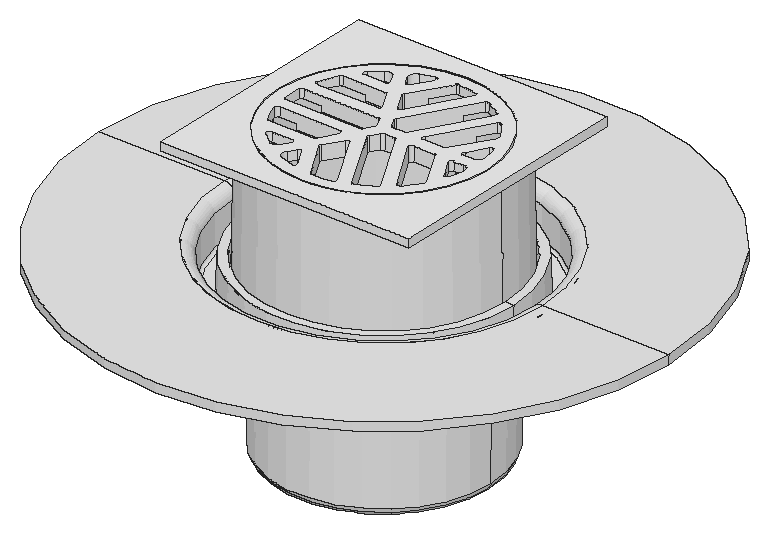
Revit family "4000.138 LM COB SQ HF BE80", category Plumbing Fixtures, Revit 2016
Family settings
  Part Type = Normal
  Round Connector Dimension = Use Diameter
  Work Plane-Based = No
  Always vertical = Yes
  Cut with Voids When Loaded = No
  Shared = No
  Room Calculation Point = No
Parameters (values of type "4000.138")
  Waste Connection = yes
  Vent Connection = no
  URL = "www.aquaknight.co.nz"
  Phone = "+6498322214"  # constant formula
  Model = "LM COB SQ HF BE80 – 4000.137"
  Manufacturer = "Aquanight Industries Ltd"  # constant formula
  HW Connection = no
  Email = "info@aquaknight.co.nz"  # constant formula
  Description = "DWV80 Free-form Tile Shower with Square Chrome LID"
  CW Connection = no
Reference planes
  plane 1 "Center (Front/Back)": y = 0
  plane 2: z = 0
  plane 3 "Center (Left/Right)": x = 0
  plane 4: z = -39.794
Forms (mm)
  Revolve 1, solid, material "PVC-Piping"
    sketch origin (-2.137, 0, 1.044) x (1, 0, 0) y (0, 0, 1)
      loop
        line (-53.225, -1.044) -> (-96.863, -1.044) -> (-96.863, -4.044) -> (-53.225, -4.044)
        arc (-53.225, -4.044) -> (-52.521, -4.333) -> (-52.225, -5.034) r 1
        line (-52.225, -5.034) -> (-52.122, -15.088)
        arc (-52.122, -15.088) -> (-51.057, -17.765) -> (-48.471, -19.032) r 4
        line (-48.471, -19.032) -> (-36.578, -20.055)
        arc (-36.578, -20.055) -> (-35.93, -20.372) -> (-35.663, -21.041) r 1.001
        line (-35.663, -21.041) -> (-35.206, -62.767) -> (-34.682, -64.162)
        arc (-34.682, -64.162) -> (-34.132, -64.868) -> (-33.278, -65.134) r 1.5
        line (-33.278, -65.134) -> (-32.413, -65.134) -> (-32.93, -14.567) -> (-36.113, -14.567) -> (-36.153, -10.668) -> (-36.763, -9.567) -> (-36.463, 31.433) -> (-38.863, 31.433) -> (-39.171, -10.702) -> (-39.613, -9.567) -> (-39.638, -7.067) -> (-40.164, -4.567) -> (-43.113, -4.567) -> (-43.528, -16.453) -> (-48.209, -16.044)
        arc (-48.209, -16.044) -> (-48.856, -15.727) -> (-49.122, -15.058) r 1
        line (-49.122, -15.058) -> (-49.225, -5.003)
        arc (-49.225, -5.003) -> (-50.411, -2.201) -> (-53.225, -1.044) r 4
      axis (2.137, 31.433) -> (2.137, -65.134)
    angle from 0 to 360
  Extrusion 2, void
    sketch origin (0, 0, 4) x (0, 1, 0) y (-1, 0, 0)
      loop
        arc (-2, -26.058) -> (-2.5, -25.192) -> (-3.5, -25.192) r 1
        line (-3.5, -25.192) -> (-9.662, -28.749)
        arc (-9.662, -28.749) -> (-10.156, -29.727) -> (-9.458, -30.57) r 1
        arc (-9.458, -30.57) -> (-7.189, -31.182) -> (-4.881, -31.626) r 32
        arc (-4.881, -31.626) -> (-2.873, -31.053) -> (-2, -29.155) r 2.5
        line (-2, -29.155) -> (-2, -26.058)
      loop
        arc (-2.5, -19.957) -> (-2.134, -19.591) -> (-2, -19.091) r 1
        line (-2, -19.091) -> (-2, -12.163)
        arc (-2, -12.163) -> (-2.5, -11.297) -> (-3.5, -11.297) r 1
        line (-3.5, -11.297) -> (-21.665, -21.784)
        arc (-21.665, -21.784) -> (-22.159, -22.537) -> (-21.848, -23.381) r 1
        arc (-21.848, -23.381) -> (-19.269, -25.548) -> (-16.477, -27.432) r 32
        arc (-16.477, -27.432) -> (-15.971, -27.575) -> (-15.462, -27.441) r 1
        line (-15.462, -27.441) -> (-2.5, -19.957)
      loop
        line (-24.721, -18.891) -> (-2.5, -6.062)
        arc (-2.5, -6.062) -> (-2.134, -5.696) -> (-2, -5.196) r 1
        line (-2, -5.196) -> (-2, -2.021)
        arc (-2, -2.021) -> (-2.201, -1.271) -> (-2.75, -0.722) r 1.5
        line (-2.75, -0.722) -> (-5.5, 0.866)
        arc (-5.5, 0.866) -> (-6, 1) -> (-6.5, 0.866) r 1
        line (-6.5, 0.866) -> (-28.721, -11.963)
        arc (-28.721, -11.963) -> (-29.173, -12.524) -> (-29.131, -13.243) r 1
        arc (-29.131, -13.243) -> (-27.713, -16) -> (-26.034, -18.607) r 32
        arc (-26.034, -18.607) -> (-25.433, -19.003) -> (-24.721, -18.891) r 1
      loop
        line (-29.698, -7.87) -> (-11.533, 2.617)
        arc (-11.533, 2.617) -> (-11.033, 3.483) -> (-11.533, 4.349) r 1
        line (-11.533, 4.349) -> (-17.533, 7.813)
        arc (-17.533, 7.813) -> (-18.033, 7.947) -> (-18.533, 7.813) r 1
        line (-18.533, 7.813) -> (-31.495, 0.33)
        arc (-31.495, 0.33) -> (-31.866, -0.044) -> (-31.995, -0.554) r 1
        arc (-31.995, -0.554) -> (-31.76, -3.914) -> (-31.172, -7.23) r 32
        arc (-31.172, -7.23) -> (-30.597, -7.922) -> (-29.698, -7.87) r 1
      loop
        line (-29.728, 6.007) -> (-23.566, 9.565)
        arc (-23.566, 9.565) -> (-23.066, 10.431) -> (-23.566, 11.297) r 1
        line (-23.566, 11.297) -> (-26.249, 12.845)
        arc (-26.249, 12.845) -> (-28.329, 13.039) -> (-29.829, 11.585) r 2.5
        arc (-29.829, 11.585) -> (-30.599, 9.365) -> (-31.204, 7.095) r 32
        arc (-31.204, 7.095) -> (-30.822, 6.068) -> (-29.728, 6.007) r 1
      loop
        arc (-21.566, 14.761) -> (-20.566, 14.761) -> (-20.066, 15.627) r 1
        line (-20.066, 15.627) -> (-20.066, 22.742)
        arc (-20.066, 22.742) -> (-20.666, 23.658) -> (-21.746, 23.476) r 1
        arc (-21.746, 23.476) -> (-23.41, 21.817) -> (-24.948, 20.04) r 32
        arc (-24.948, 20.04) -> (-25.456, 18.014) -> (-24.249, 16.309) r 2.5
        line (-24.249, 16.309) -> (-21.566, 14.761)
      loop
        arc (-16.033, 12.144) -> (-15.899, 11.644) -> (-15.533, 11.278) r 1
        line (-15.533, 11.278) -> (-9.533, 7.813)
        arc (-9.533, 7.813) -> (-8.533, 7.813) -> (-8.033, 8.679) r 1
        line (-8.033, 8.679) -> (-8.033, 29.655)
        arc (-8.033, 29.655) -> (-8.438, 30.458) -> (-9.325, 30.611) r 1
        arc (-9.325, 30.611) -> (-12.491, 29.462) -> (-15.518, 27.985) r 32
        arc (-15.518, 27.985) -> (-15.895, 27.618) -> (-16.033, 27.111) r 1
        line (-16.033, 27.111) -> (-16.033, 12.144)
      loop
        line (-4, 30.854) -> (-4, 5.196)
        arc (-4, 5.196) -> (-3.866, 4.696) -> (-3.5, 4.33) r 1
        line (-3.5, 4.33) -> (-0.75, 2.742)
        arc (-0.75, 2.742) -> (0, 2.541) -> (0.75, 2.742) r 1.5
        line (0.75, 2.742) -> (3.5, 4.33)
        arc (3.5, 4.33) -> (3.866, 4.696) -> (4, 5.196) r 1
        line (4, 5.196) -> (4, 30.854)
        arc (4, 30.854) -> (3.741, 31.527) -> (3.097, 31.85) r 1
        arc (3.097, 31.85) -> (0, 32) -> (-3.097, 31.85) r 32
        arc (-3.097, 31.85) -> (-3.741, 31.527) -> (-4, 30.854) r 1
      loop
        line (8.033, 29.655) -> (8.033, 8.679)
        arc (8.033, 8.679) -> (8.533, 7.813) -> (9.533, 7.813) r 1
        line (9.533, 7.813) -> (15.533, 11.278)
        arc (15.533, 11.278) -> (15.899, 11.644) -> (16.033, 12.144) r 1
        line (16.033, 12.144) -> (16.033, 27.111)
        arc (16.033, 27.111) -> (15.895, 27.618) -> (15.518, 27.985) r 1
        arc (15.518, 27.985) -> (12.491, 29.462) -> (9.325, 30.611) r 32
        arc (9.325, 30.611) -> (8.438, 30.458) -> (8.033, 29.655) r 1
      loop
        line (20.066, 22.742) -> (20.066, 15.627)
        arc (20.066, 15.627) -> (20.566, 14.761) -> (21.566, 14.761) r 1
        line (21.566, 14.761) -> (24.249, 16.309)
        arc (24.249, 16.309) -> (25.456, 18.014) -> (24.948, 20.04) r 2.5
        arc (24.948, 20.04) -> (23.41, 21.817) -> (21.746, 23.476) r 32
        arc (21.746, 23.476) -> (20.666, 23.658) -> (20.066, 22.742) r 1
      loop
        arc (23.566, 11.297) -> (23.066, 10.431) -> (23.566, 9.565) r 1
        line (23.566, 9.565) -> (29.728, 6.007)
        arc (29.728, 6.007) -> (30.822, 6.068) -> (31.204, 7.095) r 1
        arc (31.204, 7.095) -> (30.599, 9.365) -> (29.829, 11.585) r 32
        arc (29.829, 11.585) -> (28.329, 13.039) -> (26.249, 12.845) r 2.5
        line (26.249, 12.845) -> (23.566, 11.297)
      loop
        arc (18.533, 7.813) -> (18.033, 7.947) -> (17.533, 7.813) r 1
        line (17.533, 7.813) -> (11.533, 4.349)
        arc (11.533, 4.349) -> (11.033, 3.483) -> (11.533, 2.617) r 1
        line (11.533, 2.617) -> (29.698, -7.87)
        arc (29.698, -7.87) -> (30.597, -7.922) -> (31.172, -7.23) r 1
        arc (31.172, -7.23) -> (31.76, -3.914) -> (31.995, -0.554) r 32
        arc (31.995, -0.554) -> (31.866, -0.044) -> (31.495, 0.33) r 1
        line (31.495, 0.33) -> (18.533, 7.813)
      loop
        line (28.721, -11.963) -> (6.5, 0.866)
        arc (6.5, 0.866) -> (6, 1) -> (5.5, 0.866) r 1
        line (5.5, 0.866) -> (2.75, -0.722)
        arc (2.75, -0.722) -> (2.201, -1.271) -> (2, -2.021) r 1.5
        line (2, -2.021) -> (2, -5.196)
        arc (2, -5.196) -> (2.134, -5.696) -> (2.5, -6.062) r 1
        line (2.5, -6.062) -> (24.721, -18.891)
        arc (24.721, -18.891) -> (25.433, -19.003) -> (26.034, -18.607) r 1
        arc (26.034, -18.607) -> (27.713, -16) -> (29.131, -13.243) r 32
        arc (29.131, -13.243) -> (29.173, -12.524) -> (28.721, -11.963) r 1
      loop
        line (21.665, -21.784) -> (3.5, -11.297)
        arc (3.5, -11.297) -> (2.5, -11.297) -> (2, -12.163) r 1
        line (2, -12.163) -> (2, -19.091)
        arc (2, -19.091) -> (2.134, -19.591) -> (2.5, -19.957) r 1
        line (2.5, -19.957) -> (15.462, -27.441)
        arc (15.462, -27.441) -> (15.971, -27.575) -> (16.477, -27.432) r 1
        arc (16.477, -27.432) -> (19.269, -25.548) -> (21.848, -23.381) r 32
        arc (21.848, -23.381) -> (22.159, -22.537) -> (21.665, -21.784) r 1
      loop
        line (9.662, -28.749) -> (3.5, -25.192)
        arc (3.5, -25.192) -> (2.5, -25.192) -> (2, -26.058) r 1
        line (2, -26.058) -> (2, -29.155)
        arc (2, -29.155) -> (2.873, -31.053) -> (4.881, -31.626) r 2.5
        arc (4.881, -31.626) -> (7.189, -31.182) -> (9.458, -30.57) r 32
        arc (9.458, -30.57) -> (10.156, -29.727) -> (9.662, -28.749) r 1
    from 0 to 97.858
  Extrusion 3, solid, material "Steel, Chrome Plated"
    sketch origin (0, 0, 4) x (0, 1, 0) y (-1, 0, 0)
      loop
        circle (0, 0) r 36
    from 28.477 to 31.477
  Extrusion 4, solid, material "Steel, Chrome Plated"
    sketch origin (0, 0, 32.477) x (-1, 0, 0) y (0, 1, 0)
      loop
        circle (0, 0) r 25
    from 0 to 2
  Extrusion 5, solid, material "Steel, Chrome Plated"
    sketch origin (0, 0, 4) x (0, 1, 0) y (-1, 0, 0)
      loop
        line (43, -43) -> (43, 43) -> (-43, 43) -> (-43, -43) -> (43, -43)
      loop
        circle (0, 0) r 36.3
    from 28.477 to 31.477
Cuts and joins
  Extrusion 2 cuts Extrusion 3
  Extrusion 2 cuts Extrusion 4
  joined: Extrusion 3, Extrusion 4
Lines and regions (mm)
  model lines, detail levels fine
    curve 1: circle (-59.795, 59.372, 0) r 3.15 normal (0, 0, 1)
    curve 2: circle (59.795, 59.372, 0) r 3.15 normal (0, 0, -1)
    curve 3: circle (-59.795, -59.372, 0) r 3.15 normal (0, 0, -1)
    curve 4: circle (59.795, -59.372, 0) r 3.15 normal (0, 0, 1)
Dimensions and locks
  locked: connector elem to plane 1 "Center (Front/Back)" at 0
  locked: connector elem to plane 3 "Center (Left/Right)"
  locked: plane 2 to plane 4 at 39.794
  aligned and locked: level to plane 2
Connectors
  piping at (0, 0, -39.794), diameter 80
    settings: on plane 4, index 1, connector inside diameter 609.6 mm, connector length 0 mm, flow factor 0, pipe flow 0.0 L/s, pressure drop 0.0 Pa, fitting loss kfactor 0, connector angle 0.00°, fixture units 0, engagement length 0 mm, angle of deflection 0.00°, flow configuration 0, flow direction 2, fitting loss method 0, system type 28, joint type 0, gender type 0, connector reference index -1, connector utility 0, adjustable connector no, is connector primary yes, connector description ""
